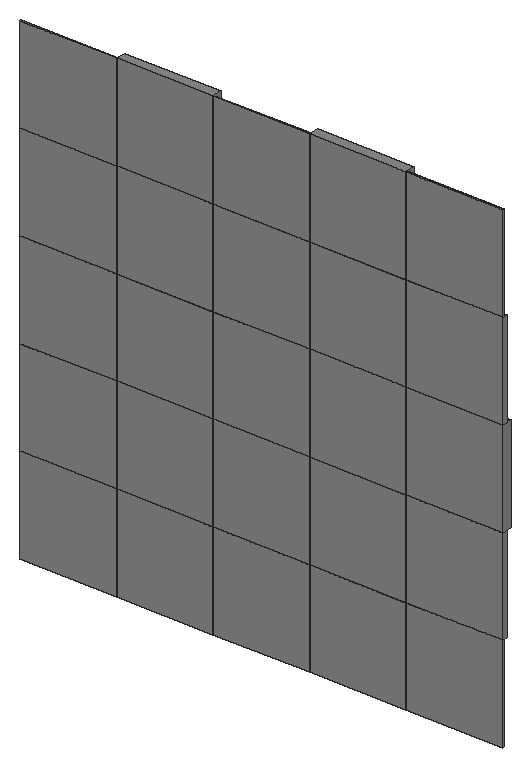
Revit family "Folded Surfaces 002", category Modelos genéricos, Revit 2020
Family settings
  Anfitrión = Muro
  Puede alojar armadura = No
  Cota de conector redondo = Diámetro de uso
  Tipo de pieza = Normal
  Siempre vertical = Sí
  Corte con vacíos al cargar = No
  Compartido = No
  Punto de cálculo de habitación = No
Parameters
  URL = "https://www.csiposhfelt.com/products/folded-surfaces-002"
  Modelo = "Folded Surfaces 002"
  Fabricante = "CSI PoshFelt"
  Elevación por defecto = 0' - 0"
  Core Material = PSH002
Reference planes (in)
  plane 1: y = 0
  plane 2 "Center (Left/Right)": x = 0
  plane 3 "Wall Edge": y = 3
Forms (in)
  Extrusion 1, solid, material "PSH002" <- "Core Material"
    sketch origin (0, 3, 0) x (1, 0, 0) y (0, 0, 1)
      loop
        line (28.8, 96) -> (9.6, 96) -> (9.6, 76.8) -> (28.8, 76.8) -> (28.8, 96)
    from 0 to -2
  Extrusion 2, solid, material "PSH002" <- "Core Material"
    sketch origin (19.2, 3, 0) x (1, 0, 0) y (0, 0, 1)
      loop
        line (28.8, 96) -> (9.6, 96) -> (9.6, 76.8) -> (28.8, 76.8) -> (28.8, 96)
    from 0 to -0.25
  Extrusion 3, solid, material "PSH002" <- "Core Material"
    sketch origin (19.2, 3, -19.2) x (1, 0, 0) y (0, 0, 1)
      loop
        line (28.8, 96) -> (9.6, 96) -> (9.6, 76.8) -> (28.8, 76.8) -> (28.8, 96)
    from 0 to -1
  Extrusion 4, solid, material "PSH002" <- "Core Material"
    sketch origin (19.2, 3, -38.4) x (1, 0, 0) y (0, 0, 1)
      loop
        line (28.8, 96) -> (9.6, 96) -> (9.6, 76.8) -> (28.8, 76.8) -> (28.8, 96)
    from 0 to -2
  Extrusion 5, solid, material "PSH002" <- "Core Material"
    sketch origin (19.2, 3, -57.6) x (1, 0, 0) y (0, 0, 1)
      loop
        line (28.8, 96) -> (9.6, 96) -> (9.6, 76.8) -> (28.8, 76.8) -> (28.8, 96)
    from 0 to -1
  Extrusion 6, solid, material "PSH002" <- "Core Material"
    sketch origin (19.2, 3, -76.8) x (1, 0, 0) y (0, 0, 1)
      loop
        line (28.8, 96) -> (9.6, 96) -> (9.6, 76.8) -> (28.8, 76.8) -> (28.8, 96)
    from 0 to -0.25
  Extrusion 7, solid, material "PSH002" <- "Core Material"
    sketch origin (0, 3, -19.2) x (1, 0, 0) y (0, 0, 1)
      loop
        line (28.8, 96) -> (9.6, 96) -> (9.6, 76.8) -> (28.8, 76.8) -> (28.8, 96)
    from 0 to -2
  Extrusion 8, solid, material "PSH002" <- "Core Material"
    sketch origin (0, 3, -38.4) x (1, 0, 0) y (0, 0, 1)
      loop
        line (28.8, 96) -> (9.6, 96) -> (9.6, 76.8) -> (28.8, 76.8) -> (28.8, 96)
    from 0 to -0.25
  Extrusion 9, solid, material "PSH002" <- "Core Material"
    sketch origin (0, 3, -57.6) x (1, 0, 0) y (0, 0, 1)
      loop
        line (28.8, 96) -> (9.6, 96) -> (9.6, 76.8) -> (28.8, 76.8) -> (28.8, 96)
    from 0 to -1
  Extrusion 10, solid, material "PSH002" <- "Core Material"
    sketch origin (0, 3, -76.8) x (1, 0, 0) y (0, 0, 1)
      loop
        line (28.8, 96) -> (9.6, 96) -> (9.6, 76.8) -> (28.8, 76.8) -> (28.8, 96)
    from 0 to -2
  Extrusion 11, solid, material "PSH002" <- "Core Material"
    sketch origin (-19.2, 3, 0) x (1, 0, 0) y (0, 0, 1)
      loop
        line (28.8, 96) -> (9.6, 96) -> (9.6, 76.8) -> (28.8, 76.8) -> (28.8, 96)
    from 0 to -0.25
  Extrusion 12, solid, material "PSH002" <- "Core Material"
    sketch origin (-19.2, 3, -19.2) x (1, 0, 0) y (0, 0, 1)
      loop
        line (28.8, 96) -> (9.6, 96) -> (9.6, 76.8) -> (28.8, 76.8) -> (28.8, 96)
    from 0 to -1
  Extrusion 13, solid, material "PSH002" <- "Core Material"
    sketch origin (-19.2, 3, -38.4) x (1, 0, 0) y (0, 0, 1)
      loop
        line (28.8, 96) -> (9.6, 96) -> (9.6, 76.8) -> (28.8, 76.8) -> (28.8, 96)
    from 0 to -1
  Extrusion 14, solid, material "PSH002" <- "Core Material"
    sketch origin (-19.2, 3, -57.6) x (1, 0, 0) y (0, 0, 1)
      loop
        line (28.8, 96) -> (9.6, 96) -> (9.6, 76.8) -> (28.8, 76.8) -> (28.8, 96)
    from 0 to -0.25
  Extrusion 15, solid, material "PSH002" <- "Core Material"
    sketch origin (-19.2, 3, -76.8) x (1, 0, 0) y (0, 0, 1)
      loop
        line (28.8, 96) -> (9.6, 96) -> (9.6, 76.8) -> (28.8, 76.8) -> (28.8, 96)
    from 0 to -2
  Extrusion 16, solid, material "PSH002" <- "Core Material"
    sketch origin (-38.4, 3, 0) x (1, 0, 0) y (0, 0, 1)
      loop
        line (28.8, 96) -> (9.6, 96) -> (9.6, 76.8) -> (28.8, 76.8) -> (28.8, 96)
    from 0 to -2
  Extrusion 17, solid, material "PSH002" <- "Core Material"
    sketch origin (-38.4, 3, -19.2) x (1, 0, 0) y (0, 0, 1)
      loop
        line (28.8, 96) -> (9.6, 96) -> (9.6, 76.8) -> (28.8, 76.8) -> (28.8, 96)
    from 0 to -0.25
  Extrusion 18, solid, material "PSH002" <- "Core Material"
    sketch origin (-38.4, 3, -38.4) x (1, 0, 0) y (0, 0, 1)
      loop
        line (28.8, 96) -> (9.6, 96) -> (9.6, 76.8) -> (28.8, 76.8) -> (28.8, 96)
    from 0 to -2
  Extrusion 19, solid, material "PSH002" <- "Core Material"
    sketch origin (-38.4, 3, -57.6) x (1, 0, 0) y (0, 0, 1)
      loop
        line (28.8, 96) -> (9.6, 96) -> (9.6, 76.8) -> (28.8, 76.8) -> (28.8, 96)
    from 0 to -1
  Extrusion 20, solid, material "PSH002" <- "Core Material"
    sketch origin (-38.4, 3, -76.8) x (1, 0, 0) y (0, 0, 1)
      loop
        line (28.8, 96) -> (9.6, 96) -> (9.6, 76.8) -> (28.8, 76.8) -> (28.8, 96)
    from 0 to -1
  Extrusion 21, solid, material "PSH002" <- "Core Material"
    sketch origin (-57.6, 3, 0) x (1, 0, 0) y (0, 0, 1)
      loop
        line (28.8, 96) -> (9.6, 96) -> (9.6, 76.8) -> (28.8, 76.8) -> (28.8, 96)
    from 0 to -0.25
  Extrusion 22, solid, material "PSH002" <- "Core Material"
    sketch origin (-57.6, 3, -19.2) x (1, 0, 0) y (0, 0, 1)
      loop
        line (28.8, 96) -> (9.6, 96) -> (9.6, 76.8) -> (28.8, 76.8) -> (28.8, 96)
    from 0 to -2
  Extrusion 23, solid, material "PSH002" <- "Core Material"
    sketch origin (-57.6, 3, -38.4) x (1, 0, 0) y (0, 0, 1)
      loop
        line (28.8, 96) -> (9.6, 96) -> (9.6, 76.8) -> (28.8, 76.8) -> (28.8, 96)
    from 0 to -0.25
  Extrusion 24, solid, material "PSH002" <- "Core Material"
    sketch origin (-57.6, 3, -57.6) x (1, 0, 0) y (0, 0, 1)
      loop
        line (28.8, 96) -> (9.6, 96) -> (9.6, 76.8) -> (28.8, 76.8) -> (28.8, 96)
    from 0 to -2
  Extrusion 25, solid, material "PSH002" <- "Core Material"
    sketch origin (-57.6, 3, -76.8) x (1, 0, 0) y (0, 0, 1)
      loop
        line (28.8, 96) -> (9.6, 96) -> (9.6, 76.8) -> (28.8, 76.8) -> (28.8, 96)
    from 0 to -0.25
Lines and regions (in)
  reference lines
    curve 1: line (48, 3, 0) -> (48, 3, 96)
    curve 2: line (48, 3, 96) -> (-48, 3, 96)
    curve 3: line (-48, 3, 96) -> (-48, 3, 0)
    curve 4: line (-48, 3, 0) -> (48, 3, 0)
    curve 5: line (28.8, 3, 0) -> (28.8, 3, 96)
    curve 6: line (9.6, 3, 0) -> (9.6, 3, 96)
    curve 7: line (-9.6, 3, 0) -> (-9.6, 3, 96)
    curve 8: line (-28.8, 3, 0) -> (-28.8, 3, 96)
    curve 9: line (-48, 3, 19.2) -> (48, 3, 19.2)
    curve 10: line (-48, 3, 38.4) -> (48, 3, 38.4)
    curve 11: line (-48, 3, 57.6) -> (48, 3, 57.6)
    curve 12: line (-48, 3, 76.8) -> (48, 3, 76.8)
Text (in)
  text "Placement Side" at (0, 40.15149, 123.01588), in view "Right"
  text "Placement Side" at (-70.3804, 28.46503, 0), in view "Ref. Level"
  text "Placement Side" at (0, 81.62555, 140.59947), in view "Left"
Dimensions and locks (in)
  locked: plane 3 "Wall Edge" to host wall
